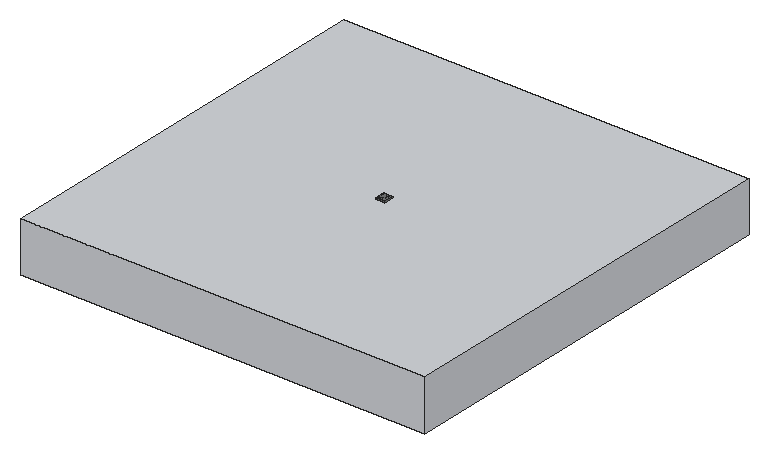
Revit family "Gira_029503", category Elektroinstallationen, Revit 2017
Family settings
  Basisbauteil = Fläche
  Beschriftungsausrichtung beibehalten = Nein
  Bemaßung runder Anschluss = Durchmesser verwenden
  Teiletyp = Normal
  Beim Laden mit Abzugskörper schneiden = Nein
  Gemeinsam genutzt = Nein
  Raumberechnungspunkt = Nein
Parameters
  Zusammenstellung = "Zentralplatte"
  Werkstoffgüte = "Thermoplast"
  Werkstoff = "Kunststoff"
  Verwendung = "Schalter/Taster"
  URL = "https://www.gira.de/"
  Typname = "Gira eNet Funk Aufsatz Jal.-ST 1f System 55 Schwarz m"
  Typ Kontakt = "Öffner"
  Transparent = no
  Tragring = no
  Thermische Rückkopplung = "ohne"
  Temperatur ablesbar = no
  Sensor extern = no
  Schutzart (IP) = "IP20"
  Regelcharakteristik = "sonstige"
  RAL-Nummer (ähnlich) = 9010
  RAL-Nummer = 9010
  Produktseite = "http://katalog.gira.de/de_DE/datenblatt.html?artikelnr=029503"
  Oberfläche = "sonstige"
  Montageart = "Unterputz"
  Mit austauschbarer Linse/Symbol = no
  Mit Zugentlastung = no
  Mit Trinkwasserschaltung = no
  Mit Staubschutz = no
  Mit Klappdeckel = no
  Mit Geräuschniveauanzeige = no
  Mit Empfänger = no
  Mit Display = no
  Mit Beschriftungsfeld = no
  Mit Aufdruck = no
  Messbereich unterer Wert [m/s] = 5
  Messbereich oberer Wert [m/s] = 30
  Lüsterklemme = no
  Kühlen = no
  Kontrollfenster/Lichtauslass = no
  Hersteller = "Gira"
  Heizen = yes
  Halogenfrei = yes
  HAN = "029503"
  Geeignet für Schutzart (IP) = "IP20"
  Geeignet für Bussystem-Tasterankopplung = yes
  GTIN = "4010337295037"
  Farbe = "weiß"
  Explosionsgeschützt = no
  Differenz verstellbar = no
  Datenblatt = "https://katalog.gira.de/de_DE/download.html?artikelnr=029503"
  Bussystem Powernet = no
  Bussystem LON = no
  Bussystem KNX-Funk = no
  Bussystem KNX = yes
  Bussystem Funkbus = no
  Beschriftungsfeld = "ohne Beschriftungsfeld"
  Beschreibung = "Wippe 2fach  Reinweiß glänzend"
  Befestigungsart = "Klemmbefestigung"
  Bedienung = "Dreh"
  Bauelement = "Sys55_Abdeckung_Schalten und Tasten"
  Default Elevation = 1219.2 mm
  BIM = "https://media.stage.bim.site/public/gira/876eb45/Sys55_Abdeckung_Schalten%20und%20Tasten.rfa?public/gira/876eb45/Sys55_Abdeckung_Schalten und Tasten.rfa"
  Ausführung der Oberfläche = "glänzend"
  Ausführung Aufnehmer/Fühler = "sonstige"
  Ausführung = "zweiteilige Wippe"
  Aufdruck/Kennzeichnung = "ohne Aufdruck"
  Art der Spannungsversorgung = "230 V AC"
  Anthrazit [instance] = Anthrazit
  Anschluss = "Zweidraht"
  Andere Bussysteme = "ohne"
  Abtastbares Symbol/barrierefrei = no
Reference planes
  plane 1 "Center (Front/Back)": y = 0
  plane 2: z = 0
  plane 3 "Center (Left/Right)": x = 0
Forms (mm)
  Extrusion 1, solid
    sketch origin (0, 0, 0) x (1, 0, 0) y (0, 1, 0)
      loop
        line (-1219.2, 1219.2) -> (-1219.2, -1219.2) -> (1219.2, -1219.2) -> (1219.2, 1219.2) -> (-1219.2, 1219.2)
    from 0 to -304.8
  Extrusion 2, solid, material "Anthrazit" <- "Anthrazit", detail levels fine
    sketch origin (0, 0, 0) x (1, 0, 0) y (0, 1, 0)
      loop
        line (-27.5, 27.5) -> (-27.5, -27.5) -> (27.5, -27.5) -> (27.5, 27.5) -> (-27.5, 27.5)
    from 0 to 8
  Extrusion 3, void
    sketch origin (0, 0, 0) x (1, 0, 0) y (0, 1, 0)
      loop
        line (26, 26) -> (-26, 26) -> (-26, -26) -> (26, -26) -> (26, 26)
    from 0 to 6
  Extrusion 4, solid, material "Anthrazit" <- "Anthrazit", detail levels medium
    sketch origin (0, 0, 0) x (1, 0, 0) y (0, 1, 0)
      loop
        line (-27.5, 27.5) -> (-27.5, -27.5) -> (27.5, -27.5) -> (27.5, 27.5) -> (-27.5, 27.5)
    from 0 to 8
  Extrusion 5, solid, material "Anthrazit" <- "Anthrazit", detail levels medium
    sketch origin (0, 0, 0) x (1, 0, 0) y (0, 1, 0)
      loop
        line (11, -17.5) -> (11, 17.5) -> (-11, 17.5) -> (-11, -17.5) -> (11, -17.5)
    from -6 to 6
  Extrusion 6, solid, material "Anthrazit" <- "Anthrazit", detail levels fine
    sketch origin (0, 0, 0) x (1, 0, 0) y (0, 1, 0)
      loop
        line (11, 17.5) -> (-11, 17.5) -> (-11, 16.5) -> (11, 16.5) -> (11, 17.5)
      loop
        line (-11, -16.5) -> (-11, -17.5) -> (11, -17.5) -> (11, -16.5) -> (-11, -16.5)
    from -4 to 6
  Extrusion 7, solid, material "Anthrazit" <- "Anthrazit", detail levels fine
    sketch origin (0, 0, 0) x (1, 0, 0) y (0, 1, 0)
      loop
        arc (5, 9.347) -> (0, 10.6) -> (-5, 9.347) r 10.6
        line (-5, 9.347) -> (-5, -9.347)
        arc (-5, -9.347) -> (0, -10.6) -> (5, -9.347) r 10.6
        line (5, -9.347) -> (5, 9.347)
    from -6 to 6
  Extrusion 8, solid, material "Anthrazit" <- "Anthrazit", detail levels coarse
    sketch origin (0, 0, 0) x (1, 0, 0) y (0, 1, 0)
      loop
        line (-27.5, 27.5) -> (-27.5, -27.5) -> (27.5, -27.5) -> (27.5, 27.5) -> (-27.5, 27.5)
    from -6 to 8
Cuts and joins
  Extrusion 3 cuts Extrusion 2
Dimensions and locks
  aligned and locked: plane 2 to Extrusion 1
  aligned and locked: level to Extrusion 1
